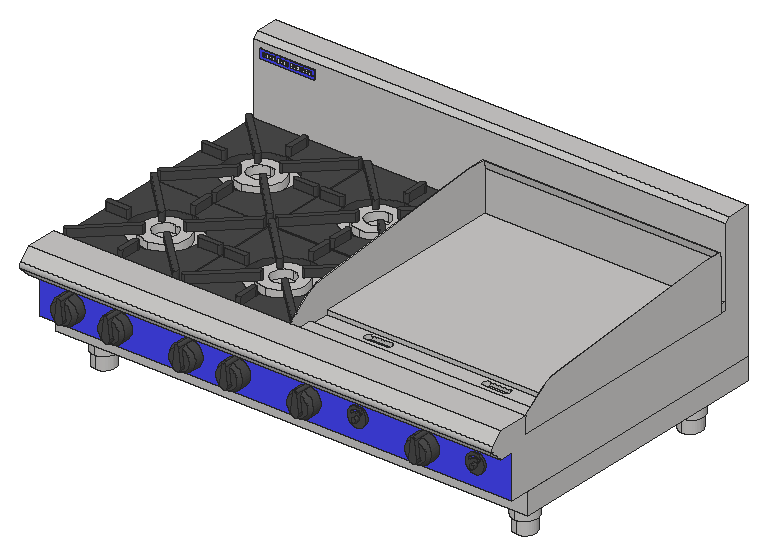
Revit family "QF_MOFFAT_BLUESEAL_CE_G518B-B", category Specialty Equipment, Revit 2012 (continued)
Definition of nested family "GAS BURNER 600 & GRIDDLE 600"
  Definition of nested family "GAS BURNER 600"
    Forms (mm)
      Extrusion 5, solid, material "QF_Finishes_Black"
        sketch origin (600, 0, 19.5) x (0, -1, 0) y (1, 0, 0)
          loop
            spline (326.102, -284.847) -> (325.341, -285.916) -> (324.941, -287.221) -> (324.928, -288.672) -> (325.303, -290.171) -> (326.041, -291.616) -> (327.092, -292.908) -> (328.384, -293.959) -> (329.829, -294.697) -> (331.328, -295.072) -> (332.779, -295.059) -> (334.084, -294.659) -> (335.153, -293.898)
          loop
            spline (463.6, -291.102) -> (463.818, -292.396) -> (464.457, -293.602) -> (465.475, -294.638) -> (466.8, -295.432) -> (468.344, -295.932) -> (470, -296.102) -> (471.656, -295.932) -> (473.2, -295.432) -> (474.525, -294.638) -> (475.543, -293.602) -> (476.182, -292.396) -> (476.4, -291.102)
            line (476.4, -291.102) -> (476.4, -241.898)
            spline (476.4, -241.898) -> (476.182, -240.604) -> (475.543, -239.398) -> (474.525, -238.362) -> (473.2, -237.568) -> (471.656, -237.068) -> (470, -236.898) -> (468.344, -237.068) -> (466.8, -237.568) -> (465.475, -238.362) -> (464.457, -239.398) -> (463.818, -240.604) -> (463.6, -241.898)
            line (463.6, -241.898) -> (463.6, -291.102)
          loop
            line (612.398, -284.847) -> (505.975, -176.924)
            spline (505.975, -176.924) -> (504.905, -176.163) -> (503.601, -175.762) -> (502.149, -175.749) -> (500.65, -176.125) -> (499.205, -176.863) -> (497.914, -177.914) -> (496.863, -179.205) -> (496.125, -180.65) -> (495.749, -182.149) -> (495.762, -183.601) -> (496.163, -184.905) -> (496.924, -185.975)
            line (496.924, -185.975) -> (603.347, -293.898)
            spline (603.347, -293.898) -> (604.416, -294.659) -> (605.721, -295.059) -> (607.172, -295.072) -> (608.671, -294.697) -> (610.116, -293.959) -> (611.408, -292.908) -> (612.459, -291.616) -> (613.197, -290.171) -> (613.572, -288.672) -> (613.559, -287.221) -> (613.159, -285.916) -> (612.398, -284.847)
          loop
            line (609.602, -143.6) -> (561.898, -143.6)
            spline (561.898, -143.6) -> (560.604, -143.818) -> (559.398, -144.457) -> (558.362, -145.475) -> (557.568, -146.8) -> (557.068, -148.344) -> (556.898, -150) -> (557.068, -151.656) -> (557.568, -153.2) -> (558.362, -154.525) -> (559.398, -155.543) -> (560.604, -156.182) -> (561.898, -156.4)
            line (561.898, -156.4) -> (609.602, -156.4)
            spline (609.602, -156.4) -> (610.896, -156.182) -> (612.102, -155.543) -> (613.138, -154.525) -> (613.932, -153.2) -> (614.432, -151.656) -> (614.602, -150) -> (614.432, -148.344) -> (613.932, -146.8) -> (613.138, -145.475) -> (612.102, -144.457) -> (610.896, -143.818) -> (609.602, -143.6)
          loop
            spline (612.398, -15.153) -> (613.159, -14.084) -> (613.559, -12.779) -> (613.572, -11.328) -> (613.197, -9.829) -> (612.459, -8.384) -> (611.408, -7.092) -> (610.116, -6.041) -> (608.671, -5.303) -> (607.172, -4.928) -> (605.721, -4.941) -> (604.416, -5.341) -> (603.347, -6.102)
            line (603.347, -6.102) -> (496.924, -114.025)
            spline (496.924, -114.025) -> (496.163, -115.095) -> (495.762, -116.399) -> (495.749, -117.851) -> (496.125, -119.35) -> (496.863, -120.795) -> (497.914, -122.086) -> (499.205, -123.137) -> (500.65, -123.875) -> (502.149, -124.251) -> (503.601, -124.238) -> (504.905, -123.837) -> (505.975, -123.076)
            line (505.975, -123.076) -> (612.398, -15.153)
          loop
            spline (476.4, -8.898) -> (476.182, -7.604) -> (475.543, -6.398) -> (474.525, -5.362) -> (473.2, -4.568) -> (471.656, -4.068) -> (470, -3.898) -> (468.344, -4.068) -> (466.8, -4.568) -> (465.475, -5.362) -> (464.457, -6.398) -> (463.818, -7.604) -> (463.6, -8.898)
            line (463.6, -8.898) -> (463.6, -58.102)
            spline (463.6, -58.102) -> (463.818, -59.396) -> (464.457, -60.602) -> (465.475, -61.638) -> (466.8, -62.432) -> (468.344, -62.932) -> (470, -63.102) -> (471.656, -62.932) -> (473.2, -62.432) -> (474.525, -61.638) -> (475.543, -60.602) -> (476.182, -59.396) -> (476.4, -58.102)
            line (476.4, -58.102) -> (476.4, -8.898)
          loop
            line (22.602, -15.153) -> (130.525, -123.076)
            spline (130.525, -123.076) -> (131.595, -123.837) -> (132.899, -124.238) -> (134.351, -124.251) -> (135.85, -123.875) -> (137.295, -123.137) -> (138.586, -122.086) -> (139.637, -120.795) -> (140.375, -119.35) -> (140.751, -117.851) -> (140.738, -116.399) -> (140.337, -115.095) -> (139.576, -114.025)
            line (139.576, -114.025) -> (31.653, -6.102)
            spline (31.653, -6.102) -> (30.424, -5.181) -> (28.97, -4.631) -> (27.39, -4.49) -> (25.792, -4.767) -> (24.286, -5.443) -> (22.973, -6.473) -> (21.943, -7.786) -> (21.267, -9.292) -> (20.99, -10.89) -> (21.131, -12.47) -> (21.681, -13.924) -> (22.602, -15.153)
          loop
            line (25.398, -156.4) -> (74.602, -156.4)
            spline (74.602, -156.4) -> (75.896, -156.182) -> (77.102, -155.543) -> (78.138, -154.525) -> (78.932, -153.2) -> (79.432, -151.656) -> (79.602, -150) -> (79.432, -148.344) -> (78.932, -146.8) -> (78.138, -145.475) -> (77.102, -144.457) -> (75.896, -143.818) -> (74.602, -143.6)
            line (74.602, -143.6) -> (25.398, -143.6)
            spline (25.398, -143.6) -> (24.104, -143.818) -> (22.898, -144.457) -> (21.862, -145.475) -> (21.068, -146.8) -> (20.568, -148.344) -> (20.398, -150) -> (20.568, -151.656) -> (21.068, -153.2) -> (21.862, -154.525) -> (22.898, -155.543) -> (24.104, -156.182) -> (25.398, -156.4)
          loop
            line (31.653, -293.898) -> (139.576, -185.975)
            spline (139.576, -185.975) -> (140.337, -184.905) -> (140.738, -183.601) -> (140.751, -182.149) -> (140.375, -180.65) -> (139.637, -179.205) -> (138.586, -177.914) -> (137.295, -176.863) -> (135.85, -176.125) -> (134.351, -175.749) -> (132.899, -175.762) -> (131.595, -176.163) -> (130.525, -176.924)
            line (130.525, -176.924) -> (22.602, -284.847)
            spline (22.602, -284.847) -> (21.841, -285.916) -> (21.441, -287.221) -> (21.428, -288.672) -> (21.803, -290.171) -> (22.541, -291.616) -> (23.592, -292.908) -> (24.884, -293.959) -> (26.329, -294.697) -> (27.828, -295.072) -> (29.279, -295.059) -> (30.584, -294.659) -> (31.653, -293.898)
          loop
            spline (160.1, -291.102) -> (160.318, -292.396) -> (160.957, -293.602) -> (161.975, -294.638) -> (163.3, -295.432) -> (164.844, -295.932) -> (166.5, -296.102) -> (168.156, -295.932) -> (169.7, -295.432) -> (171.025, -294.638) -> (172.043, -293.602) -> (172.682, -292.396) -> (172.9, -291.102)
            line (172.9, -291.102) -> (172.9, -241.898)
            spline (172.9, -241.898) -> (172.682, -240.604) -> (172.043, -239.398) -> (171.025, -238.362) -> (169.7, -237.568) -> (168.156, -237.068) -> (166.5, -236.898) -> (164.844, -237.068) -> (163.3, -237.568) -> (161.975, -238.362) -> (160.957, -239.398) -> (160.318, -240.604) -> (160.1, -241.898)
            line (160.1, -241.898) -> (160.1, -291.102)
          loop
            line (313.898, -284.847) -> (202.475, -176.924)
            spline (202.475, -176.924) -> (201.405, -176.163) -> (200.101, -175.762) -> (198.649, -175.749) -> (197.15, -176.125) -> (195.705, -176.863) -> (194.414, -177.914) -> (193.363, -179.205) -> (192.625, -180.65) -> (192.249, -182.149) -> (192.262, -183.601) -> (192.663, -184.905) -> (193.424, -185.975)
            line (193.424, -185.975) -> (304.847, -293.898)
            spline (304.847, -293.898) -> (305.916, -294.659) -> (307.221, -295.059) -> (308.672, -295.072) -> (310.171, -294.697) -> (311.616, -293.959) -> (312.908, -292.908) -> (313.959, -291.616) -> (314.697, -290.171) -> (315.072, -288.672) -> (315.059, -287.221) -> (314.659, -285.916) -> (313.898, -284.847)
          loop
            line (311.102, -143.6) -> (261.898, -143.6)
            spline (261.898, -143.6) -> (260.604, -143.818) -> (259.398, -144.457) -> (258.362, -145.475) -> (257.568, -146.8) -> (257.068, -148.344) -> (256.898, -150) -> (257.068, -151.656) -> (257.568, -153.2) -> (258.362, -154.525) -> (259.398, -155.543) -> (260.604, -156.182) -> (261.898, -156.4)
            line (261.898, -156.4) -> (311.102, -156.4)
            spline (311.102, -156.4) -> (312.396, -156.182) -> (313.602, -155.543) -> (314.638, -154.525) -> (315.432, -153.2) -> (315.932, -151.656) -> (316.102, -150) -> (315.932, -148.344) -> (315.432, -146.8) -> (314.638, -145.475) -> (313.602, -144.457) -> (312.396, -143.818) -> (311.102, -143.6)
          loop
            spline (313.898, -15.153) -> (314.659, -14.084) -> (315.059, -12.779) -> (315.072, -11.328) -> (314.697, -9.829) -> (313.959, -8.384) -> (312.908, -7.092) -> (311.616, -6.041) -> (310.171, -5.303) -> (308.672, -4.928) -> (307.221, -4.941) -> (305.916, -5.341) -> (304.847, -6.102)
            line (304.847, -6.102) -> (193.424, -114.025)
            spline (193.424, -114.025) -> (192.663, -115.095) -> (192.262, -116.399) -> (192.249, -117.851) -> (192.625, -119.35) -> (193.363, -120.795) -> (194.414, -122.086) -> (195.705, -123.137) -> (197.15, -123.875) -> (198.649, -124.251) -> (200.101, -124.238) -> (201.405, -123.837) -> (202.475, -123.076)
            line (202.475, -123.076) -> (313.898, -15.153)
          loop
            spline (172.9, -8.898) -> (172.682, -7.604) -> (172.043, -6.398) -> (171.025, -5.362) -> (169.7, -4.568) -> (168.156, -4.068) -> (166.5, -3.898) -> (164.844, -4.068) -> (163.3, -4.568) -> (161.975, -5.362) -> (160.957, -6.398) -> (160.318, -7.604) -> (160.1, -8.898)
            line (160.1, -8.898) -> (160.1, -58.102)
            spline (160.1, -58.102) -> (160.318, -59.396) -> (160.957, -60.602) -> (161.975, -61.638) -> (163.3, -62.432) -> (164.844, -62.932) -> (166.5, -63.102) -> (168.156, -62.932) -> (169.7, -62.432) -> (171.025, -61.638) -> (172.043, -60.602) -> (172.682, -59.396) -> (172.9, -58.102)
            line (172.9, -58.102) -> (172.9, -8.898)
        from 0 to 20.5
      Extrusion 6, solid, material "QF_Finishes_Stainless Steel"
        sketch origin (600, -15.098, 0) x (0, -1, 0) y (1, 0, 0)
          loop
            circle (151.402, -150) r 57
          loop
            circle (451.402, -150) r 57
          loop
            circle (151.402, -150) r 30
          loop
            circle (451.402, -150) r 30
        from 0 to 20
    Lines and regions (mm)
      symbolic lines
        curve 1: line (284.847, -22.602, 0) -> (176.924, -130.525, 0)
        curve 2: spline (176.924, -130.525, 0) -> (176.163, -131.595, 0) -> (175.762, -132.899, 0) -> (175.749, -134.351, 0) -> (176.125, -135.85, 0) -> (176.863, -137.295, 0) -> (177.914, -138.586, 0) -> (179.205, -139.637, 0) -> (180.65, -140.375, 0) -> (182.149, -140.751, 0) -> (183.601, -140.738, 0) -> (184.905, -140.337, 0) -> (185.975, -139.576, 0)
        curve 3: line (185.975, -139.576, 0) -> (293.898, -31.653, 0)
        curve 4: spline (293.898, -31.653, 0) -> (294.659, -30.584, 0) -> (295.059, -29.279, 0) -> (295.072, -27.828, 0) -> (294.697, -26.329, 0) -> (293.959, -24.884, 0) -> (292.908, -23.592, 0) -> (291.616, -22.541, 0) -> (290.171, -21.803, 0) -> (288.672, -21.428, 0) -> (287.221, -21.441, 0) -> (285.916, -21.841, 0) -> (284.847, -22.602, 0)
        curve 5: line (291.102, -160.1, 0) -> (241.898, -160.1, 0)
        curve 6: spline (241.898, -160.1, 0) -> (240.604, -160.318, 0) -> (239.398, -160.957, 0) -> (238.362, -161.975, 0) -> (237.568, -163.3, 0) -> (237.068, -164.844, 0) -> (236.898, -166.5, 0) -> (237.068, -168.156, 0) -> (237.568, -169.7, 0) -> (238.362, -171.025, 0) -> (239.398, -172.043, 0) -> (240.604, -172.682, 0) -> (241.898, -172.9, 0)
        curve 7: line (241.898, -172.9, 0) -> (291.102, -172.9, 0)
        curve 8: spline (291.102, -172.9, 0) -> (292.396, -172.682, 0) -> (293.602, -172.043, 0) -> (294.638, -171.025, 0) -> (295.432, -169.7, 0) -> (295.932, -168.156, 0) -> (296.102, -166.5, 0) -> (295.932, -164.844, 0) -> (295.432, -163.3, 0) -> (294.638, -161.975, 0) -> (293.602, -160.957, 0) -> (292.396, -160.318, 0) -> (291.102, -160.1, 0)
        curve 9: line (306.102, -31.653, 0) -> (414.025, -139.576, 0)
        curve 10: spline (414.025, -139.576, 0) -> (415.095, -140.337, 0) -> (416.399, -140.738, 0) -> (417.851, -140.751, 0) -> (419.35, -140.375, 0) -> (420.795, -139.637, 0) -> (422.086, -138.586, 0) -> (423.137, -137.295, 0) -> (423.875, -135.85, 0) -> (424.251, -134.351, 0) -> (424.238, -132.899, 0) -> (423.837, -131.595, 0) -> (423.076, -130.525, 0)
        curve 11: line (423.076, -130.525, 0) -> (315.153, -22.602, 0)
        curve 12: spline (315.153, -22.602, 0) -> (314.084, -21.841, 0) -> (312.779, -21.441, 0) -> (311.328, -21.428, 0) -> (309.829, -21.803, 0) -> (308.384, -22.541, 0) -> (307.092, -23.592, 0) -> (306.041, -24.884, 0) -> (305.303, -26.329, 0) -> (304.928, -27.828, 0) -> (304.941, -29.279, 0) -> (305.341, -30.584, 0) -> (306.102, -31.653, 0)
        curve 13: line (443.6, -25.398, 0) -> (443.6, -74.602, 0)
        curve 14: spline (443.6, -74.602, 0) -> (443.818, -75.896, 0) -> (444.457, -77.102, 0) -> (445.475, -78.138, 0) -> (446.8, -78.932, 0) -> (448.344, -79.432, 0) -> (450, -79.602, 0) -> (451.656, -79.432, 0) -> (453.2, -78.932, 0) -> (454.525, -78.138, 0) -> (455.543, -77.102, 0) -> (456.182, -75.896, 0) -> (456.4, -74.602, 0)
        curve 15: line (456.4, -74.602, 0) -> (456.4, -25.398, 0)
        curve 16: spline (456.4, -25.398, 0) -> (456.182, -24.104, 0) -> (455.543, -22.898, 0) -> (454.525, -21.862, 0) -> (453.2, -21.068, 0) -> (451.656, -20.568, 0) -> (450, -20.398, 0) -> (448.344, -20.568, 0) -> (446.8, -21.068, 0) -> (445.475, -21.862, 0) -> (444.457, -22.898, 0) -> (443.818, -24.104, 0) -> (443.6, -25.398, 0)
        curve 17: line (584.847, -22.602, 0) -> (476.924, -130.525, 0)
        curve 18: spline (476.924, -130.525, 0) -> (476.163, -131.595, 0) -> (475.762, -132.899, 0) -> (475.749, -134.351, 0) -> (476.125, -135.85, 0) -> (476.863, -137.295, 0) -> (477.914, -138.586, 0) -> (479.205, -139.637, 0) -> (480.65, -140.375, 0) -> (482.149, -140.751, 0) -> (483.601, -140.738, 0) -> (484.905, -140.337, 0) -> (485.975, -139.576, 0)
        curve 19: line (485.975, -139.576, 0) -> (593.898, -31.653, 0)
        curve 20: spline (593.898, -31.653, 0) -> (594.819, -30.424, 0) -> (595.369, -28.97, 0) -> (595.51, -27.39, 0) -> (595.233, -25.792, 0) -> (594.557, -24.286, 0) -> (593.527, -22.973, 0) -> (592.214, -21.943, 0) -> (590.708, -21.267, 0) -> (589.11, -20.99, 0) -> (587.53, -21.131, 0) -> (586.076, -21.681, 0) -> (584.847, -22.602, 0)
        curve 21: line (591.102, -160.1, 0) -> (541.898, -160.1, 0)
        curve 22: spline (541.898, -160.1, 0) -> (540.604, -160.318, 0) -> (539.398, -160.957, 0) -> (538.362, -161.975, 0) -> (537.568, -163.3, 0) -> (537.068, -164.844, 0) -> (536.898, -166.5, 0) -> (537.068, -168.156, 0) -> (537.568, -169.7, 0) -> (538.362, -171.025, 0) -> (539.398, -172.043, 0) -> (540.604, -172.682, 0) -> (541.898, -172.9, 0)
        curve 23: line (541.898, -172.9, 0) -> (591.102, -172.9, 0)
        curve 24: spline (591.102, -172.9, 0) -> (592.396, -172.682, 0) -> (593.602, -172.043, 0) -> (594.638, -171.025, 0) -> (595.432, -169.7, 0) -> (595.932, -168.156, 0) -> (596.102, -166.5, 0) -> (595.932, -164.844, 0) -> (595.432, -163.3, 0) -> (594.638, -161.975, 0) -> (593.602, -160.957, 0) -> (592.396, -160.318, 0) -> (591.102, -160.1, 0)
        curve 25: line (593.898, -304.847, 0) -> (485.975, -193.424, 0)
        curve 26: spline (485.975, -193.424, 0) -> (484.905, -192.663, 0) -> (483.601, -192.262, 0) -> (482.149, -192.249, 0) -> (480.65, -192.625, 0) -> (479.205, -193.363, 0) -> (477.914, -194.414, 0) -> (476.863, -195.705, 0) -> (476.125, -197.15, 0) -> (475.749, -198.649, 0) -> (475.762, -200.101, 0) -> (476.163, -201.405, 0) -> (476.924, -202.475, 0)
        curve 27: line (476.924, -202.475, 0) -> (584.847, -313.898, 0)
        curve 28: spline (584.847, -313.898, 0) -> (585.916, -314.659, 0) -> (587.221, -315.059, 0) -> (588.672, -315.072, 0) -> (590.171, -314.697, 0) -> (591.616, -313.959, 0) -> (592.908, -312.908, 0) -> (593.959, -311.616, 0) -> (594.697, -310.171, 0) -> (595.072, -308.672, 0) -> (595.059, -307.221, 0) -> (594.659, -305.916, 0) -> (593.898, -304.847, 0)
        curve 29: arc (450, -223.5, 0) -> (468.725, -220.336, 0) -> (485.372, -211.197, 0) r 57
        curve 30: arc (450, -109.5, 0) -> (431.183, -112.696, 0) -> (414.475, -121.924, 0) r 57
        curve 31: arc (450.009, -84.418, 0) -> (478.534, -89.404, 0) -> (503.676, -103.773, 0) r 84.082
        curve 32: arc (450.009, -252.582, 0) -> (420.453, -247.216, 0) -> (394.669, -231.803, 0) r 84.082
        curve 33: arc (450, -136.5, 0) -> (480, -166.5, 0) -> (450, -196.5, 0) r 30
        curve 34: arc (450, -196.5, 0) -> (420, -166.5, 0) -> (450, -136.5, 0) r 30
        curve 35: arc (150, -223.5, 0) -> (168.725, -220.336, 0) -> (185.372, -211.197, 0) r 57
        curve 36: arc (150, -109.5, 0) -> (131.183, -112.696, 0) -> (114.475, -121.924, 0) r 57
        curve 37: arc (149.991, -84.418, 0) -> (178.523, -89.406, 0) -> (203.668, -103.781, 0) r 84.082
        curve 38: arc (149.991, -252.582, 0) -> (120.441, -247.219, 0) -> (94.661, -231.812, 0) r 84.082
        curve 39: line (156.4, -74.602, 0) -> (156.4, -25.398, 0)
        curve 40: spline (156.4, -25.398, 0) -> (156.182, -24.104, 0) -> (155.543, -22.898, 0) -> (154.525, -21.862, 0) -> (153.2, -21.068, 0) -> (151.656, -20.568, 0) -> (150, -20.398, 0) -> (148.344, -20.568, 0) -> (146.8, -21.068, 0) -> (145.475, -21.862, 0) -> (144.457, -22.898, 0) -> (143.818, -24.104, 0) -> (143.6, -25.398, 0)
        curve 41: line (143.6, -25.398, 0) -> (143.6, -74.602, 0)
        curve 42: spline (143.6, -74.602, 0) -> (143.818, -75.896, 0) -> (144.457, -77.102, 0) -> (145.475, -78.138, 0) -> (146.8, -78.932, 0) -> (148.344, -79.432, 0) -> (150, -79.602, 0) -> (151.656, -79.432, 0) -> (153.2, -78.932, 0) -> (154.525, -78.138, 0) -> (155.543, -77.102, 0) -> (156.182, -75.896, 0) -> (156.4, -74.602, 0)
        curve 43: line (358.102, -160.1, 0) -> (308.898, -160.1, 0)
        curve 44: spline (308.898, -160.1, 0) -> (307.604, -160.318, 0) -> (306.398, -160.957, 0) -> (305.362, -161.975, 0) -> (304.568, -163.3, 0) -> (304.068, -164.844, 0) -> (303.898, -166.5, 0) -> (304.068, -168.156, 0) -> (304.568, -169.7, 0) -> (305.362, -171.025, 0) -> (306.398, -172.043, 0) -> (307.604, -172.682, 0) -> (308.898, -172.9, 0)
        curve 45: line (308.898, -172.9, 0) -> (358.102, -172.9, 0)
        curve 46: spline (358.102, -172.9, 0) -> (359.396, -172.682, 0) -> (360.602, -172.043, 0) -> (361.638, -171.025, 0) -> (362.432, -169.7, 0) -> (362.932, -168.156, 0) -> (363.102, -166.5, 0) -> (362.932, -164.844, 0) -> (362.432, -163.3, 0) -> (361.638, -161.975, 0) -> (360.602, -160.957, 0) -> (359.396, -160.318, 0) -> (358.102, -160.1, 0)
        curve 47: line (414.025, -193.424, 0) -> (306.102, -304.847, 0)
        curve 48: spline (306.102, -304.847, 0) -> (305.341, -305.916, 0) -> (304.941, -307.221, 0) -> (304.928, -308.672, 0) -> (305.303, -310.171, 0) -> (306.041, -311.616, 0) -> (307.092, -312.908, 0) -> (308.384, -313.959, 0) -> (309.829, -314.697, 0) -> (311.328, -315.072, 0) -> (312.779, -315.059, 0) -> (314.084, -314.659, 0) -> (315.153, -313.898, 0)
        curve 49: line (315.153, -313.898, 0) -> (423.076, -202.475, 0)
        curve 50: spline (423.076, -202.475, 0) -> (423.837, -201.405, 0) -> (424.238, -200.101, 0) -> (424.251, -198.649, 0) -> (423.875, -197.15, 0) -> (423.137, -195.705, 0) -> (422.086, -194.414, 0) -> (420.795, -193.363, 0) -> (419.35, -192.625, 0) -> (417.851, -192.249, 0) -> (416.399, -192.262, 0) -> (415.095, -192.663, 0) -> (414.025, -193.424, 0)
        curve 51: line (456.4, -311.102, 0) -> (456.4, -261.898, 0)
        curve 52: spline (456.4, -261.898, 0) -> (456.182, -260.604, 0) -> (455.543, -259.398, 0) -> (454.525, -258.362, 0) -> (453.2, -257.568, 0) -> (451.656, -257.068, 0) -> (450, -256.898, 0) -> (448.344, -257.068, 0) -> (446.8, -257.568, 0) -> (445.475, -258.362, 0) -> (444.457, -259.398, 0) -> (443.818, -260.604, 0) -> (443.6, -261.898, 0)
        curve 53: line (443.6, -261.898, 0) -> (443.6, -311.102, 0)
        curve 54: spline (443.6, -311.102, 0) -> (443.818, -312.396, 0) -> (444.457, -313.602, 0) -> (445.475, -314.638, 0) -> (446.8, -315.432, 0) -> (448.344, -315.932, 0) -> (450, -316.102, 0) -> (451.656, -315.932, 0) -> (453.2, -315.432, 0) -> (454.525, -314.638, 0) -> (455.543, -313.602, 0) -> (456.182, -312.396, 0) -> (456.4, -311.102, 0)
        curve 55: line (596, 0, 0) -> (304, 0, 0)
        curve 56: arc (304, 0, 0) -> (301.879, -0.879, 0) -> (301, -3, 0) r 3
        curve 57: line (301, -3, 0) -> (301, -315.5, 0)
        curve 58: arc (301, -315.5, 0) -> (301.879, -317.621, 0) -> (304, -318.5, 0) r 3
        curve 59: line (304, -318.5, 0) -> (596, -318.5, 0)
        curve 60: arc (596, -318.5, 0) -> (598.121, -317.621, 0) -> (599, -315.5, 0) r 3
        curve 61: line (599, -315.5, 0) -> (599, -3, 0)
        curve 62: arc (599, -3, 0) -> (598.121, -0.879, 0) -> (596, 0, 0) r 3
        curve 63: line (296, 0, 0) -> (4, 0, 0)
        curve 64: arc (4, 0, 0) -> (1.879, -0.879, 0) -> (1, -3, 0) r 3
        curve 65: line (1, -3, 0) -> (1, -315.5, 0)
        curve 66: arc (1, -315.5, 0) -> (1.879, -317.621, 0) -> (4, -318.5, 0) r 3
        curve 67: line (4, -318.5, 0) -> (296, -318.5, 0)
        curve 68: arc (296, -318.5, 0) -> (298.121, -317.621, 0) -> (299, -315.5, 0) r 3
        curve 69: line (299, -315.5, 0) -> (299, -3, 0)
        curve 70: arc (299, -3, 0) -> (298.121, -0.879, 0) -> (296, 0, 0) r 3
        curve 71: line (296, -321.5, 0) -> (4, -321.5, 0)
        curve 72: arc (4, -321.5, 0) -> (1.879, -322.379, 0) -> (1, -324.5, 0) r 3
        curve 73: line (1, -324.5, 0) -> (1, -632, 0)
        curve 74: arc (1, -632, 0) -> (1.879, -634.121, 0) -> (4, -635, 0) r 3
        curve 75: line (4, -635, 0) -> (296, -635, 0)
        curve 76: arc (296, -635, 0) -> (298.121, -634.121, 0) -> (299, -632, 0) r 3
        curve 77: line (299, -632, 0) -> (299, -324.5, 0)
        curve 78: arc (299, -324.5, 0) -> (298.121, -322.379, 0) -> (296, -321.5, 0) r 3
        curve 79: line (596, -321.5, 0) -> (304, -321.5, 0)
        curve 80: arc (304, -321.5, 0) -> (301.879, -322.379, 0) -> (301, -324.5, 0) r 3
        curve 81: line (301, -324.5, 0) -> (301, -632, 0)
        curve 82: arc (301, -632, 0) -> (301.879, -634.121, 0) -> (304, -635, 0) r 3
        curve 83: line (304, -635, 0) -> (596, -635, 0)
        curve 84: arc (596, -635, 0) -> (598.121, -634.121, 0) -> (599, -632, 0) r 3
        curve 85: line (599, -632, 0) -> (599, -324.5, 0)
        curve 86: arc (599, -324.5, 0) -> (598.121, -322.379, 0) -> (596, -321.5, 0) r 3
        curve 87: line (293.898, -304.847, 0) -> (185.975, -193.424, 0)
        curve 88: spline (185.975, -193.424, 0) -> (184.905, -192.663, 0) -> (183.601, -192.262, 0) -> (182.149, -192.249, 0) -> (180.65, -192.625, 0) -> (179.205, -193.363, 0) -> (177.914, -194.414, 0) -> (176.863, -195.705, 0) -> (176.125, -197.15, 0) -> (175.749, -198.649, 0) -> (175.762, -200.101, 0) -> (176.163, -201.405, 0) -> (176.924, -202.475, 0)
        curve 89: line (176.924, -202.475, 0) -> (284.847, -313.898, 0)
        curve 90: spline (284.847, -313.898, 0) -> (285.916, -314.659, 0) -> (287.221, -315.059, 0) -> (288.672, -315.072, 0) -> (290.171, -314.697, 0) -> (291.616, -313.959, 0) -> (292.908, -312.908, 0) -> (293.959, -311.616, 0) -> (294.697, -310.171, 0) -> (295.072, -308.672, 0) -> (295.059, -307.221, 0) -> (294.659, -305.916, 0) -> (293.898, -304.847, 0)
        curve 91: line (15.153, -313.898, 0) -> (123.076, -202.475, 0)
        curve 92: spline (123.076, -202.475, 0) -> (123.837, -201.405, 0) -> (124.238, -200.101, 0) -> (124.251, -198.649, 0) -> (123.875, -197.15, 0) -> (123.137, -195.705, 0) -> (122.086, -194.414, 0) -> (120.795, -193.363, 0) -> (119.35, -192.625, 0) -> (117.851, -192.249, 0) -> (116.399, -192.262, 0) -> (115.095, -192.663, 0) -> (114.025, -193.424, 0)
        curve 93: line (114.025, -193.424, 0) -> (6.102, -304.847, 0)
        curve 94: spline (6.102, -304.847, 0) -> (5.341, -305.916, 0) -> (4.941, -307.221, 0) -> (4.928, -308.672, 0) -> (5.303, -310.171, 0) -> (6.041, -311.616, 0) -> (7.092, -312.908, 0) -> (8.384, -313.959, 0) -> (9.829, -314.697, 0) -> (11.328, -315.072, 0) -> (12.779, -315.059, 0) -> (14.084, -314.659, 0) -> (15.153, -313.898, 0)
        curve 95: line (8.898, -172.9, 0) -> (58.102, -172.9, 0)
        curve 96: spline (58.102, -172.9, 0) -> (59.396, -172.682, 0) -> (60.602, -172.043, 0) -> (61.638, -171.025, 0) -> (62.432, -169.7, 0) -> (62.932, -168.156, 0) -> (63.102, -166.5, 0) -> (62.932, -164.844, 0) -> (62.432, -163.3, 0) -> (61.638, -161.975, 0) -> (60.602, -160.957, 0) -> (59.396, -160.318, 0) -> (58.102, -160.1, 0)
        curve 97: line (58.102, -160.1, 0) -> (8.898, -160.1, 0)
        curve 98: spline (8.898, -160.1, 0) -> (7.604, -160.318, 0) -> (6.398, -160.957, 0) -> (5.362, -161.975, 0) -> (4.568, -163.3, 0) -> (4.068, -164.844, 0) -> (3.898, -166.5, 0) -> (4.068, -168.156, 0) -> (4.568, -169.7, 0) -> (5.362, -171.025, 0) -> (6.398, -172.043, 0) -> (7.604, -172.682, 0) -> (8.898, -172.9, 0)
        curve 99: line (6.102, -31.653, 0) -> (114.025, -139.576, 0)
        curve 100: spline (114.025, -139.576, 0) -> (115.095, -140.337, 0) -> (116.399, -140.738, 0) -> (117.851, -140.751, 0) -> (119.35, -140.375, 0) -> (120.795, -139.637, 0) -> (122.086, -138.586, 0) -> (123.137, -137.295, 0) -> (123.875, -135.85, 0) -> (124.251, -134.351, 0) -> (124.238, -132.899, 0) -> (123.837, -131.595, 0) -> (123.076, -130.525, 0)
        curve 101: line (123.076, -130.525, 0) -> (15.153, -22.602, 0)
        curve 102: spline (15.153, -22.602, 0) -> (13.924, -21.681, 0) -> (12.47, -21.131, 0) -> (10.89, -20.99, 0) -> (9.292, -21.267, 0) -> (7.786, -21.943, 0) -> (6.473, -22.973, 0) -> (5.443, -24.286, 0) -> (4.767, -25.792, 0) -> (4.49, -27.39, 0) -> (4.631, -28.97, 0) -> (5.181, -30.424, 0) -> (6.102, -31.653, 0)
        curve 103: arc (150, -136.5, 0) -> (180, -166.5, 0) -> (150, -196.5, 0) r 30
        curve 104: arc (150, -196.5, 0) -> (120, -166.5, 0) -> (150, -136.5, 0) r 30
        curve 105: line (156.4, -311.102, 0) -> (156.4, -261.898, 0)
        curve 106: spline (156.4, -261.898, 0) -> (156.182, -260.604, 0) -> (155.543, -259.398, 0) -> (154.525, -258.362, 0) -> (153.2, -257.568, 0) -> (151.656, -257.068, 0) -> (150, -256.898, 0) -> (148.344, -257.068, 0) -> (146.8, -257.568, 0) -> (145.475, -258.362, 0) -> (144.457, -259.398, 0) -> (143.818, -260.604, 0) -> (143.6, -261.898, 0)
        curve 107: line (143.6, -261.898, 0) -> (143.6, -311.102, 0)
        curve 108: spline (143.6, -311.102, 0) -> (143.818, -312.396, 0) -> (144.457, -313.602, 0) -> (145.475, -314.638, 0) -> (146.8, -315.432, 0) -> (148.344, -315.932, 0) -> (150, -316.102, 0) -> (151.656, -315.932, 0) -> (153.2, -315.432, 0) -> (154.525, -314.638, 0) -> (155.543, -313.602, 0) -> (156.182, -312.396, 0) -> (156.4, -311.102, 0)
        curve 109: line (156.4, -378.102, 0) -> (156.4, -328.898, 0)
        curve 110: spline (156.4, -328.898, 0) -> (156.182, -327.604, 0) -> (155.543, -326.398, 0) -> (154.525, -325.362, 0) -> (153.2, -324.568, 0) -> (151.656, -324.068, 0) -> (150, -323.898, 0) -> (148.344, -324.068, 0) -> (146.8, -324.568, 0) -> (145.475, -325.362, 0) -> (144.457, -326.398, 0) -> (143.818, -327.604, 0) -> (143.6, -328.898, 0)
        curve 111: line (143.6, -328.898, 0) -> (143.6, -378.102, 0)
        curve 112: spline (143.6, -378.102, 0) -> (143.818, -379.396, 0) -> (144.457, -380.602, 0) -> (145.475, -381.638, 0) -> (146.8, -382.432, 0) -> (148.344, -382.932, 0) -> (150, -383.102, 0) -> (151.656, -382.932, 0) -> (153.2, -382.432, 0) -> (154.525, -381.638, 0) -> (155.543, -380.602, 0) -> (156.182, -379.396, 0) -> (156.4, -378.102, 0)
        curve 113: line (284.847, -326.102, 0) -> (176.924, -434.025, 0)
        curve 114: spline (176.924, -434.025, 0) -> (176.163, -435.095, 0) -> (175.762, -436.399, 0) -> (175.749, -437.851, 0) -> (176.125, -439.35, 0) -> (176.863, -440.795, 0) -> (177.914, -442.086, 0) -> (179.205, -443.137, 0) -> (180.65, -443.875, 0) -> (182.149, -444.251, 0) -> (183.601, -444.238, 0) -> (184.905, -443.837, 0) -> (185.975, -443.076, 0)
        curve 115: line (185.975, -443.076, 0) -> (293.898, -335.153, 0)
        curve 116: spline (293.898, -335.153, 0) -> (294.659, -334.084, 0) -> (295.059, -332.779, 0) -> (295.072, -331.328, 0) -> (294.697, -329.829, 0) -> (293.959, -328.384, 0) -> (292.908, -327.092, 0) -> (291.616, -326.041, 0) -> (290.171, -325.303, 0) -> (288.672, -324.928, 0) -> (287.221, -324.941, 0) -> (285.916, -325.341, 0) -> (284.847, -326.102, 0)
        curve 117: line (123.076, -434.025, 0) -> (15.153, -326.102, 0)
        curve 118: spline (15.153, -326.102, 0) -> (13.924, -325.181, 0) -> (12.47, -324.631, 0) -> (10.89, -324.49, 0) -> (9.292, -324.767, 0) -> (7.786, -325.443, 0) -> (6.473, -326.473, 0) -> (5.443, -327.786, 0) -> (4.767, -329.292, 0) -> (4.49, -330.89, 0) -> (4.631, -332.47, 0) -> (5.181, -333.924, 0) -> (6.102, -335.153, 0)
        curve 119: line (6.102, -335.153, 0) -> (114.025, -443.076, 0)
        curve 120: spline (114.025, -443.076, 0) -> (115.095, -443.837, 0) -> (116.399, -444.238, 0) -> (117.851, -444.251, 0) -> (119.35, -443.875, 0) -> (120.795, -443.137, 0) -> (122.086, -442.086, 0) -> (123.137, -440.795, 0) -> (123.875, -439.35, 0) -> (124.251, -437.851, 0) -> (124.238, -436.399, 0) -> (123.837, -435.095, 0) -> (123.076, -434.025, 0)
        curve 121: line (58.102, -463.6, 0) -> (8.898, -463.6, 0)
        curve 122: spline (8.898, -463.6, 0) -> (7.604, -463.818, 0) -> (6.398, -464.457, 0) -> (5.362, -465.475, 0) -> (4.568, -466.8, 0) -> (4.068, -468.344, 0) -> (3.898, -470, 0) -> (4.068, -471.656, 0) -> (4.568, -473.2, 0) -> (5.362, -474.525, 0) -> (6.398, -475.543, 0) -> (7.604, -476.182, 0) -> (8.898, -476.4, 0)
        curve 123: line (8.898, -476.4, 0) -> (58.102, -476.4, 0)
        curve 124: spline (58.102, -476.4, 0) -> (59.396, -476.182, 0) -> (60.602, -475.543, 0) -> (61.638, -474.525, 0) -> (62.432, -473.2, 0) -> (62.932, -471.656, 0) -> (63.102, -470, 0) -> (62.932, -468.344, 0) -> (62.432, -466.8, 0) -> (61.638, -465.475, 0) -> (60.602, -464.457, 0) -> (59.396, -463.818, 0) -> (58.102, -463.6, 0)
        curve 125: line (114.025, -496.924, 0) -> (6.102, -603.347, 0)
        curve 126: spline (6.102, -603.347, 0) -> (5.341, -604.416, 0) -> (4.941, -605.721, 0) -> (4.928, -607.172, 0) -> (5.303, -608.671, 0) -> (6.041, -610.116, 0) -> (7.092, -611.408, 0) -> (8.384, -612.459, 0) -> (9.829, -613.197, 0) -> (11.328, -613.572, 0) -> (12.779, -613.559, 0) -> (14.084, -613.159, 0) -> (15.153, -612.398, 0)
        curve 127: line (15.153, -612.398, 0) -> (123.076, -505.975, 0)
        curve 128: spline (123.076, -505.975, 0) -> (123.837, -504.905, 0) -> (124.238, -503.601, 0) -> (124.251, -502.149, 0) -> (123.875, -500.65, 0) -> (123.137, -499.205, 0) -> (122.086, -497.914, 0) -> (120.795, -496.863, 0) -> (119.35, -496.125, 0) -> (117.851, -495.749, 0) -> (116.399, -495.762, 0) -> (115.095, -496.163, 0) -> (114.025, -496.924, 0)
        curve 129: line (156.4, -609.602, 0) -> (156.4, -561.898, 0)
        curve 130: spline (156.4, -561.898, 0) -> (156.182, -560.604, 0) -> (155.543, -559.398, 0) -> (154.525, -558.362, 0) -> (153.2, -557.568, 0) -> (151.656, -557.068, 0) -> (150, -556.898, 0) -> (148.344, -557.068, 0) -> (146.8, -557.568, 0) -> (145.475, -558.362, 0) -> (144.457, -559.398, 0) -> (143.818, -560.604, 0) -> (143.6, -561.898, 0)
        curve 131: line (143.6, -561.898, 0) -> (143.6, -609.602, 0)
        curve 132: spline (143.6, -609.602, 0) -> (143.818, -610.896, 0) -> (144.457, -612.102, 0) -> (145.475, -613.138, 0) -> (146.8, -613.932, 0) -> (148.344, -614.432, 0) -> (150, -614.602, 0) -> (151.656, -614.432, 0) -> (153.2, -613.932, 0) -> (154.525, -613.138, 0) -> (155.543, -612.102, 0) -> (156.182, -610.896, 0) -> (156.4, -609.602, 0)
        curve 133: line (176.924, -505.975, 0) -> (284.847, -612.398, 0)
        curve 134: spline (284.847, -612.398, 0) -> (285.916, -613.159, 0) -> (287.221, -613.559, 0) -> (288.672, -613.572, 0) -> (290.171, -613.197, 0) -> (291.616, -612.459, 0) -> (292.908, -611.408, 0) -> (293.959, -610.116, 0) -> (294.697, -608.671, 0) -> (295.072, -607.172, 0) -> (295.059, -605.721, 0) -> (294.659, -604.416, 0) -> (293.898, -603.347, 0)
        curve 135: line (293.898, -603.347, 0) -> (185.975, -496.924, 0)
        curve 136: spline (185.975, -496.924, 0) -> (184.905, -496.163, 0) -> (183.601, -495.762, 0) -> (182.149, -495.749, 0) -> (180.65, -496.125, 0) -> (179.205, -496.863, 0) -> (177.914, -497.914, 0) -> (176.863, -499.205, 0) -> (176.125, -500.65, 0) -> (175.749, -502.149, 0) -> (175.762, -503.601, 0) -> (176.163, -504.905, 0) -> (176.924, -505.975, 0)
        curve 137: arc (149.991, -384.418, 0) -> (179.687, -389.836, 0) -> (205.556, -405.393, 0) r 84.082
        curve 138: arc (149.991, -552.582, 0) -> (121.173, -547.489, 0) -> (95.845, -532.827, 0) r 84.082
        curve 139: arc (150, -523.5, 0) -> (167.666, -520.693, 0) -> (183.592, -512.55, 0) r 57
        curve 140: arc (150, -409.5, 0) -> (130.014, -413.119, 0) -> (112.566, -423.515, 0) r 57
        curve 141: arc (150, -436.5, 0) -> (180, -466.5, 0) -> (150, -496.5, 0) r 30
        curve 142: arc (150, -496.5, 0) -> (120, -466.5, 0) -> (150, -436.5, 0) r 30
        curve 143: line (291.102, -463.6, 0) -> (241.898, -463.6, 0)
        curve 144: spline (241.898, -463.6, 0) -> (240.604, -463.818, 0) -> (239.398, -464.457, 0) -> (238.362, -465.475, 0) -> (237.568, -466.8, 0) -> (237.068, -468.344, 0) -> (236.898, -470, 0) -> (237.068, -471.656, 0) -> (237.568, -473.2, 0) -> (238.362, -474.525, 0) -> (239.398, -475.543, 0) -> (240.604, -476.182, 0) -> (241.898, -476.4, 0)
        curve 145: line (241.898, -476.4, 0) -> (291.102, -476.4, 0)
        curve 146: spline (291.102, -476.4, 0) -> (292.396, -476.182, 0) -> (293.602, -475.543, 0) -> (294.638, -474.525, 0) -> (295.432, -473.2, 0) -> (295.932, -471.656, 0) -> (296.102, -470, 0) -> (295.932, -468.344, 0) -> (295.432, -466.8, 0) -> (294.638, -465.475, 0) -> (293.602, -464.457, 0) -> (292.396, -463.818, 0) -> (291.102, -463.6, 0)
        curve 147: line (423.076, -434.025, 0) -> (315.153, -326.102, 0)
        curve 148: spline (315.153, -326.102, 0) -> (314.084, -325.341, 0) -> (312.779, -324.941, 0) -> (311.328, -324.928, 0) -> (309.829, -325.303, 0) -> (308.384, -326.041, 0) -> (307.092, -327.092, 0) -> (306.041, -328.384, 0) -> (305.303, -329.829, 0) -> (304.928, -331.328, 0) -> (304.941, -332.779, 0) -> (305.341, -334.084, 0) -> (306.102, -335.153, 0)
        curve 149: line (306.102, -335.153, 0) -> (414.025, -443.076, 0)
        curve 150: spline (414.025, -443.076, 0) -> (415.095, -443.837, 0) -> (416.399, -444.238, 0) -> (417.851, -444.251, 0) -> (419.35, -443.875, 0) -> (420.795, -443.137, 0) -> (422.086, -442.086, 0) -> (423.137, -440.795, 0) -> (423.875, -439.35, 0) -> (424.251, -437.851, 0) -> (424.238, -436.399, 0) -> (423.837, -435.095, 0) -> (423.076, -434.025, 0)
        curve 151: line (443.6, -328.898, 0) -> (443.6, -378.102, 0)
        curve 152: spline (443.6, -378.102, 0) -> (443.818, -379.396, 0) -> (444.457, -380.602, 0) -> (445.475, -381.638, 0) -> (446.8, -382.432, 0) -> (448.344, -382.932, 0) -> (450, -383.102, 0) -> (451.656, -382.932, 0) -> (453.2, -382.432, 0) -> (454.525, -381.638, 0) -> (455.543, -380.602, 0) -> (456.182, -379.396, 0) -> (456.4, -378.102, 0)
        curve 153: line (456.4, -378.102, 0) -> (456.4, -328.898, 0)
        curve 154: spline (456.4, -328.898, 0) -> (456.182, -327.604, 0) -> (455.543, -326.398, 0) -> (454.525, -325.362, 0) -> (453.2, -324.568, 0) -> (451.656, -324.068, 0) -> (450, -323.898, 0) -> (448.344, -324.068, 0) -> (446.8, -324.568, 0) -> (445.475, -325.362, 0) -> (444.457, -326.398, 0) -> (443.818, -327.604, 0) -> (443.6, -328.898, 0)
        curve 155: line (584.847, -326.102, 0) -> (476.924, -434.025, 0)
        curve 156: spline (476.924, -434.025, 0) -> (476.163, -435.095, 0) -> (475.762, -436.399, 0) -> (475.749, -437.851, 0) -> (476.125, -439.35, 0) -> (476.863, -440.795, 0) -> (477.914, -442.086, 0) -> (479.205, -443.137, 0) -> (480.65, -443.875, 0) -> (482.149, -444.251, 0) -> (483.601, -444.238, 0) -> (484.905, -443.837, 0) -> (485.975, -443.076, 0)
        curve 157: line (485.975, -443.076, 0) -> (593.898, -335.153, 0)
        curve 158: spline (593.898, -335.153, 0) -> (594.819, -333.924, 0) -> (595.369, -332.47, 0) -> (595.51, -330.89, 0) -> (595.233, -329.292, 0) -> (594.557, -327.786, 0) -> (593.527, -326.473, 0) -> (592.214, -325.443, 0) -> (590.708, -324.767, 0) -> (589.11, -324.49, 0) -> (587.53, -324.631, 0) -> (586.076, -325.181, 0) -> (584.847, -326.102, 0)
        curve 159: line (591.102, -463.6, 0) -> (541.898, -463.6, 0)
        curve 160: spline (541.898, -463.6, 0) -> (540.604, -463.818, 0) -> (539.398, -464.457, 0) -> (538.362, -465.475, 0) -> (537.568, -466.8, 0) -> (537.068, -468.344, 0) -> (536.898, -470, 0) -> (537.068, -471.656, 0) -> (537.568, -473.2, 0) -> (538.362, -474.525, 0) -> (539.398, -475.543, 0) -> (540.604, -476.182, 0) -> (541.898, -476.4, 0)
        curve 161: line (541.898, -476.4, 0) -> (591.102, -476.4, 0)
        curve 162: spline (591.102, -476.4, 0) -> (592.396, -476.182, 0) -> (593.602, -475.543, 0) -> (594.638, -474.525, 0) -> (595.432, -473.2, 0) -> (595.932, -471.656, 0) -> (596.102, -470, 0) -> (595.932, -468.344, 0) -> (595.432, -466.8, 0) -> (594.638, -465.475, 0) -> (593.602, -464.457, 0) -> (592.396, -463.818, 0) -> (591.102, -463.6, 0)
        curve 163: line (593.898, -603.347, 0) -> (485.975, -496.924, 0)
        curve 164: spline (485.975, -496.924, 0) -> (484.905, -496.163, 0) -> (483.601, -495.762, 0) -> (482.149, -495.749, 0) -> (480.65, -496.125, 0) -> (479.205, -496.863, 0) -> (477.914, -497.914, 0) -> (476.863, -499.205, 0) -> (476.125, -500.65, 0) -> (475.749, -502.149, 0) -> (475.762, -503.601, 0) -> (476.163, -504.905, 0) -> (476.924, -505.975, 0)
        curve 165: line (476.924, -505.975, 0) -> (584.847, -612.398, 0)
        curve 166: spline (584.847, -612.398, 0) -> (585.916, -613.159, 0) -> (587.221, -613.559, 0) -> (588.672, -613.572, 0) -> (590.171, -613.197, 0) -> (591.616, -612.459, 0) -> (592.908, -611.408, 0) -> (593.959, -610.116, 0) -> (594.697, -608.671, 0) -> (595.072, -607.172, 0) -> (595.059, -605.721, 0) -> (594.659, -604.416, 0) -> (593.898, -603.347, 0)
        curve 167: line (315.153, -612.398, 0) -> (423.076, -505.975, 0)
        curve 168: spline (423.076, -505.975, 0) -> (423.837, -504.905, 0) -> (424.238, -503.601, 0) -> (424.251, -502.149, 0) -> (423.875, -500.65, 0) -> (423.137, -499.205, 0) -> (422.086, -497.914, 0) -> (420.795, -496.863, 0) -> (419.35, -496.125, 0) -> (417.851, -495.749, 0) -> (416.399, -495.762, 0) -> (415.095, -496.163, 0) -> (414.025, -496.924, 0)
        curve 169: line (414.025, -496.924, 0) -> (306.102, -603.347, 0)
        curve 170: spline (306.102, -603.347, 0) -> (305.341, -604.416, 0) -> (304.941, -605.721, 0) -> (304.928, -607.172, 0) -> (305.303, -608.671, 0) -> (306.041, -610.116, 0) -> (307.092, -611.408, 0) -> (308.384, -612.459, 0) -> (309.829, -613.197, 0) -> (311.328, -613.572, 0) -> (312.779, -613.559, 0) -> (314.084, -613.159, 0) -> (315.153, -612.398, 0)
        curve 171: line (308.898, -476.4, 0) -> (358.102, -476.4, 0)
        curve 172: spline (358.102, -476.4, 0) -> (359.396, -476.182, 0) -> (360.602, -475.543, 0) -> (361.638, -474.525, 0) -> (362.432, -473.2, 0) -> (362.932, -471.656, 0) -> (363.102, -470, 0) -> (362.932, -468.344, 0) -> (362.432, -466.8, 0) -> (361.638, -465.475, 0) -> (360.602, -464.457, 0) -> (359.396, -463.818, 0) -> (358.102, -463.6, 0)
        curve 173: line (358.102, -463.6, 0) -> (308.898, -463.6, 0)
        curve 174: spline (308.898, -463.6, 0) -> (307.604, -463.818, 0) -> (306.398, -464.457, 0) -> (305.362, -465.475, 0) -> (304.568, -466.8, 0) -> (304.068, -468.344, 0) -> (303.898, -470, 0) -> (304.068, -471.656, 0) -> (304.568, -473.2, 0) -> (305.362, -474.525, 0) -> (306.398, -475.543, 0) -> (307.604, -476.182, 0) -> (308.898, -476.4, 0)
        curve 175: line (456.4, -609.602, 0) -> (456.4, -561.898, 0)
        curve 176: spline (456.4, -561.898, 0) -> (456.182, -560.604, 0) -> (455.543, -559.398, 0) -> (454.525, -558.362, 0) -> (453.2, -557.568, 0) -> (451.656, -557.068, 0) -> (450, -556.898, 0) -> (448.344, -557.068, 0) -> (446.8, -557.568, 0) -> (445.475, -558.362, 0) -> (444.457, -559.398, 0) -> (443.818, -560.604, 0) -> (443.6, -561.898, 0)
        curve 177: line (443.6, -561.898, 0) -> (443.6, -609.602, 0)
        curve 178: spline (443.6, -609.602, 0) -> (443.818, -610.896, 0) -> (444.457, -612.102, 0) -> (445.475, -613.138, 0) -> (446.8, -613.932, 0) -> (448.344, -614.432, 0) -> (450, -614.602, 0) -> (451.656, -614.432, 0) -> (453.2, -613.932, 0) -> (454.525, -613.138, 0) -> (455.543, -612.102, 0) -> (456.182, -610.896, 0) -> (456.4, -609.602, 0)
        curve 179: arc (450.009, -384.418, 0) -> (479.699, -389.834, 0) -> (505.564, -405.385, 0) r 84.082
        curve 180: arc (450.009, -552.582, 0) -> (417.885, -546.204, 0) -> (390.635, -528.036, 0) r 84.082
        curve 181: arc (450, -523.5, 0) -> (467.666, -520.693, 0) -> (483.592, -512.55, 0) r 57
        curve 182: arc (450, -409.5, 0) -> (430.014, -413.119, 0) -> (412.566, -423.515, 0) r 57
        curve 183: arc (450, -436.5, 0) -> (480, -466.5, 0) -> (450, -496.5, 0) r 30
        curve 184: arc (450, -496.5, 0) -> (420, -466.5, 0) -> (450, -436.5, 0) r 30
        curve 185: arc (96.324, -103.773, 0) -> (121.466, -89.404, 0) -> (149.991, -84.418, 0) r 84.082
        curve 186: arc (212.871, -112.68, 0) -> (234.066, -167.408, 0) -> (214.3, -222.668, 0) r 84.082
        curve 187: arc (194.454, -202.178, 0) -> (207, -166.598, 0) -> (194.576, -130.975, 0) r 57
        curve 188: arc (114.628, -211.197, 0) -> (131.275, -220.336, 0) -> (150, -223.5, 0) r 57
        curve 189: arc (405.424, -130.975, 0) -> (393, -166.598, 0) -> (405.546, -202.178, 0) r 57
        curve 190: arc (485.525, -121.924, 0) -> (468.817, -112.696, 0) -> (450, -109.5, 0) r 57
        curve 191: arc (494.454, -202.178, 0) -> (507, -166.598, 0) -> (494.576, -130.975, 0) r 57
        curve 192: arc (414.628, -211.197, 0) -> (431.275, -220.336, 0) -> (450, -223.5, 0) r 57
        curve 193: arc (105.424, -130.975, 0) -> (93, -166.598, 0) -> (105.546, -202.178, 0) r 57
        curve 194: arc (514.501, -414.55, 0) -> (534.086, -469.429, 0) -> (513.293, -523.862, 0) r 84.082
        curve 195: arc (504.155, -532.827, 0) -> (478.827, -547.489, 0) -> (450.009, -552.582, 0) r 84.082
        curve 196: arc (493.031, -503.881, 0) -> (506.947, -468.956, 0) -> (496.089, -432.962, 0) r 57
        curve 197: arc (416.408, -512.55, 0) -> (432.334, -520.693, 0) -> (450, -523.5, 0) r 57
        curve 198: arc (403.911, -432.962, 0) -> (393.053, -468.956, 0) -> (406.969, -503.881, 0) r 57
        curve 199: arc (487.434, -423.515, 0) -> (469.986, -413.119, 0) -> (450, -409.5, 0) r 57
        curve 200: arc (187.434, -423.515, 0) -> (169.986, -413.119, 0) -> (150, -409.5, 0) r 57
        curve 201: arc (103.911, -432.962, 0) -> (93.053, -468.956, 0) -> (106.969, -503.881, 0) r 57
        curve 202: arc (109.732, -506.842, 0) -> (110.614, -507.704, 0) -> (111.516, -508.547, 0) r 57
        curve 203: arc (193.031, -503.881, 0) -> (206.947, -468.956, 0) -> (196.089, -432.962, 0) r 57
        curve 204: arc (214.491, -414.56, 0) -> (234.068, -469.429, 0) -> (213.283, -523.853, 0) r 84.082
        curve 205: arc (94.436, -405.385, 0) -> (120.301, -389.834, 0) -> (149.991, -384.418, 0) r 84.082
        curve 206: arc (86.707, -523.862, 0) -> (65.914, -469.429, 0) -> (85.499, -414.55, 0) r 84.082
        curve 207: arc (116.408, -512.55, 0) -> (132.334, -520.693, 0) -> (150, -523.5, 0) r 57
        curve 208: arc (204.147, -532.819, 0) -> (178.816, -547.487, 0) -> (149.991, -552.582, 0) r 84.082
        curve 209: arc (394.444, -405.393, 0) -> (420.313, -389.836, 0) -> (450.009, -384.418, 0) r 84.082
        curve 210: arc (390.635, -528.036, 0) -> (366.012, -472.294, 0) -> (385.509, -414.56, 0) r 84.082
        curve 211: arc (185.525, -121.924, 0) -> (168.817, -112.696, 0) -> (150, -109.5, 0) r 57
        curve 212: arc (396.332, -103.781, 0) -> (421.477, -89.406, 0) -> (450.009, -84.418, 0) r 84.082
        curve 213: arc (512.881, -112.67, 0) -> (534.084, -167.408, 0) -> (514.31, -222.678, 0) r 84.082
        curve 214: arc (505.339, -231.812, 0) -> (479.559, -247.219, 0) -> (450.009, -252.582, 0) r 84.082
        curve 215: arc (385.7, -222.668, 0) -> (365.934, -167.408, 0) -> (387.129, -112.68, 0) r 84.082
        curve 216: arc (205.331, -231.803, 0) -> (179.547, -247.216, 0) -> (149.991, -252.582, 0) r 84.082
        curve 217: arc (85.69, -222.678, 0) -> (65.916, -167.408, 0) -> (87.119, -112.67, 0) r 84.082
    Dimensions and locks
      equal spacing: plane 3 "LEFT", plane 7 "Center Y", plane 4 "RIGHT"
      "Width": plane 3 "LEFT" to plane 4 "RIGHT"
      equal spacing: plane 5 "FRONT", plane 8 "Center X", plane 1 "BACK"
      "Depth": plane 5 "FRONT" to plane 1 "BACK"
      aligned and locked: level to plane 2
    Automatic sketch dimensions
      plane 3 "LEFT" to Extrusion 1 sketch curve = 4 mm  (x2)
      plane 1 "BACK" to Extrusion 1 sketch curve = 0 mm
      plane 3 "LEFT" to Extrusion 1 sketch curve = 1 mm  (x2)
      Extrusion 1 sketch curve to Extrusion 1 sketch curve = 3 mm  (x5)
      plane 8 "Center X" to Extrusion 1 sketch curve = 149 mm
      Extrusion 1 sketch curve to plane 7 "Center Y" = 1 mm  (x2)
      plane 8 "Center X" to Extrusion 1 sketch curve = 2 mm  (x2)
      Extrusion 1 sketch curve to plane 5 "FRONT" = 166.5 mm
      Extrusion 1 sketch curve to plane 5 "FRONT" = 3 mm  (x2)
      plane 3 "LEFT" to Extrusion 1 sketch curve = 149.991 mm  (x2)
      Extrusion 2 sketch curve to Extrusion 1 = 22.602 mm  (x2)
      Extrusion 2 sketch curve to Extrusion 1 = 25.398 mm  (x2)
      Extrusion 2 sketch curve to Extrusion 2 sketch curve = 4.525 mm  (x16)
      Extrusion 2 sketch curve to Extrusion 2 sketch curve = 49.204 mm  (x5)
      Extrusion 2 sketch curve to Extrusion 2 sketch curve = 55.923 mm  (x5)
      Extrusion 2 sketch curve to Extrusion 2 sketch curve = 0 mm  (x5)
      Extrusion 2 sketch curve to Extrusion 2 sketch curve = 20.524 mm  (x8)
      Extrusion 2 sketch curve to Extrusion 2 sketch curve = 6.4 mm  (x8)
      Extrusion 2 sketch curve to Extrusion 2 sketch curve = 53.847 mm  (x8)
      Extrusion 2 sketch curve to Extrusion 1 = 56.602 mm
      Extrusion 2 sketch curve to Extrusion 1 = 5.102 mm  (x6)
      Extrusion 2 sketch curve to Extrusion 1 = 13.653 mm  (x2)
      Extrusion 2 sketch curve to Extrusion 1 = 7.398 mm  (x2)
      Extrusion 2 sketch curve to Extrusion 1 = 4.602 mm  (x2)
      Extrusion 2 sketch curve to Extrusion 1 = 7.898 mm  (x4)
      Extrusion 2 sketch curve to Extrusion 1 = 31.653 mm  (x2)
      Extrusion 2 sketch curve to Extrusion 1 = 57.102 mm
      Extrusion 2 sketch curve to Extrusion 1 = 14.153 mm
      Extrusion 3 sketch curve to Extrusion 3 sketch curve = 0 mm  (x24)
      plane 8 "Center X" to Extrusion 3 sketch curve = 208 mm
      Extrusion 3 sketch curve to Extrusion 3 sketch curve = 27 mm  (x2)
      Extrusion 3 sketch curve to Extrusion 3 sketch curve = 30 mm  (x2)
      Extrusion 3 sketch curve to plane 5 "FRONT" = 225.5 mm
      plane 3 "LEFT" to Extrusion 3 sketch curve = 150 mm  (x2)
      plane 4 "RIGHT" to Extrusion 4 sketch curve = 4 mm  (x2)
      plane 1 "BACK" to Extrusion 4 sketch curve = 0 mm
      plane 4 "RIGHT" to Extrusion 4 sketch curve = 1 mm  (x2)
      Extrusion 4 sketch curve to Extrusion 4 sketch curve = 3 mm  (x5)
      plane 8 "Center X" to Extrusion 4 sketch curve = 149 mm
      plane 7 "Center Y" to Extrusion 4 sketch curve = 1 mm  (x2)
      plane 8 "Center X" to Extrusion 4 sketch curve = 2 mm  (x2)
      Extrusion 4 sketch curve to plane 5 "FRONT" = 166.5 mm
      Extrusion 4 sketch curve to plane 5 "FRONT" = 3 mm  (x2)
      plane 4 "RIGHT" to Extrusion 4 sketch curve = 149.991 mm  (x2)
      Extrusion 5 sketch curve to Extrusion 4 = 22.602 mm  (x2)
      Extrusion 5 sketch curve to Extrusion 4 = 25.398 mm  (x2)
      Extrusion 5 sketch curve to Extrusion 5 sketch curve = 4.525 mm  (x16)
      Extrusion 5 sketch curve to Extrusion 5 sketch curve = 49.204 mm  (x4)
      Extrusion 5 sketch curve to Extrusion 5 sketch curve = 55.923 mm  (x5)
      Extrusion 5 sketch curve to Extrusion 5 sketch curve = 0 mm  (x6)
      Extrusion 5 sketch curve to Extrusion 5 sketch curve = 20.524 mm  (x7)
      Extrusion 5 sketch curve to Extrusion 5 sketch curve = 6.4 mm  (x8)
      Extrusion 5 sketch curve to Extrusion 5 sketch curve = 53.847 mm  (x8)
      Extrusion 5 sketch curve to Extrusion 4 = 56.602 mm
      Extrusion 5 sketch curve to Extrusion 4 = 5.102 mm  (x6)
      Extrusion 5 sketch curve to Extrusion 4 = 13.653 mm  (x2)
      Extrusion 5 sketch curve to Extrusion 4 = 7.398 mm  (x2)
      Extrusion 5 sketch curve to Extrusion 4 = 4.602 mm  (x2)
      Extrusion 5 sketch curve to Extrusion 4 = 7.898 mm  (x4)
      Extrusion 5 sketch curve to Extrusion 4 = 31.653 mm  (x2)
      Extrusion 5 sketch curve to Extrusion 4 = 57.102 mm  (x2)
      Extrusion 5 sketch curve to Extrusion 4 = 14.153 mm
      Extrusion 6 sketch curve to Extrusion 6 sketch curve = 0 mm  (x24)
      plane 8 "Center X" to Extrusion 6 sketch curve = 208 mm
      Extrusion 6 sketch curve to Extrusion 6 sketch curve = 27 mm  (x2)
      Extrusion 6 sketch curve to Extrusion 6 sketch curve = 30 mm  (x2)
      Extrusion 6 sketch curve to plane 5 "FRONT" = 225.5 mm
      plane 4 "RIGHT" to Extrusion 6 sketch curve = 150 mm  (x2)
      curve 1 to plane 7 "Center Y" = 123.076 mm
      curve 2 to curve 2 = 4.525 mm
      curve 1 to plane 7 "Center Y" = 15.153 mm
      curve 1 to curve 4 = 4.525 mm
      plane 1 "BACK" to curve 3 = 139.576 mm
      plane 1 "BACK" to curve 4 = 31.653 mm
      curve 7 to plane 7 "Center Y" = 58.102 mm
      curve 8 to plane 7 "Center Y" = 8.898 mm
      curve 8 to curve 2 = 20.524 mm
      curve 6 to curve 5 = 6.4 mm
      plane 7 "Center Y" to curve 9 = 6.102 mm
      curve 9 to curve 12 = 4.525 mm
      plane 7 "Center Y" to curve 10 = 114.025 mm
      curve 10 to curve 10 = 4.525 mm
      curve 5 to curve 10 = 20.524 mm
      curve 3 to curve 9 = 0 mm
      plane 1 "BACK" to curve 13 = 25.398 mm
      curve 10 to curve 13 = 20.524 mm
      curve 13 to curve 16 = 6.4 mm
      curve 14 to curve 15 = 49.204 mm
      curve 11 to curve 17 = 53.847 mm
      curve 18 to curve 18 = 4.525 mm
      plane 4 "RIGHT" to curve 17 = 15.153 mm
      curve 20 to curve 20 = 4.525 mm
      curve 18 to curve 11 = 9.051 mm
      plane 1 "BACK" to curve 20 = 31.653 mm
      plane 4 "RIGHT" to curve 22 = 58.102 mm
      plane 4 "RIGHT" to curve 21 = 8.898 mm
      curve 23 to curve 18 = 33.324 mm
      curve 22 to curve 22 = 6.4 mm
      curve 26 to curve 18 = 9.051 mm
      curve 27 to curve 26 = 4.525 mm
      plane 8 "Center X" to curve 27 = 3.602 mm
      plane 4 "RIGHT" to curve 27 = 15.153 mm
      curve 27 to curve 28 = 4.525 mm
      curve 27 to curve 18 = 62.898 mm
      curve 30 to curve 26 = 31.449 mm
      curve 192 to curve 27 = 21.025 mm
      curve 26 to curve 29 = 31.449 mm
      curve 14 to curve 31 = 0.009 mm
      curve 32 to curve 29 = 29.082 mm
      curve 31 to curve 29 = 2 mm
      curve 29 to curve 33 = 0 mm  (x2)
      curve 29 to curve 34 = 27 mm
      curve 211 to curve 2 = 31.449 mm
      curve 35 to curve 3 = 83.924 mm
      curve 35 to curve 2 = 31.449 mm
      curve 37 to curve 211 = 0.009 mm
      curve 216 to curve 35 = 29.082 mm
      curve 38 to curve 36 = 2 mm
      curve 42 to curve 185 = 6.391 mm
      curve 41 to curve 40 = 6.4 mm
      curve 185 to curve 41 = 9.816 mm
      plane 1 "BACK" to curve 41 = 25.398 mm
      plane 7 "Center Y" to curve 44 = 8.898 mm
      curve 44 to curve 45 = 49.204 mm
      curve 7 to curve 44 = 0 mm
      curve 45 to curve 44 = 6.4 mm
      plane 7 "Center Y" to curve 48 = 6.102 mm
      curve 48 to curve 48 = 4.525 mm
      curve 50 to curve 33 = 35.975 mm
      curve 47 to curve 50 = 4.525 mm
      plane 8 "Center X" to curve 48 = 3.602 mm
      curve 50 to curve 33 = 5.975 mm
      plane 8 "Center X" to curve 53 = 6.398 mm
      curve 53 to curve 32 = 6.409 mm
      curve 53 to curve 54 = 6.4 mm
      curve 52 to curve 32 = 9.316 mm
      plane 1 "BACK" to curve 56 = 0 mm
      plane 7 "Center Y" to curve 57 = 1 mm
      curve 57 to curve 56 = 3 mm
      curve 59 to plane 8 "Center X" = 1 mm
      plane 7 "Center Y" to curve 59 = 4 mm
      plane 4 "RIGHT" to curve 55 = 4 mm
      plane 4 "RIGHT" to curve 59 = 4 mm
      plane 4 "RIGHT" to curve 60 = 1 mm
      plane 1 "BACK" to curve 64 = 0 mm
      curve 66 to plane 8 "Center X" = 1 mm
      plane 3 "LEFT" to curve 66 = 4 mm
      plane 3 "LEFT" to curve 63 = 4 mm
      plane 3 "LEFT" to curve 64 = 1 mm
      curve 70 to plane 7 "Center Y" = 4 mm
      curve 68 to plane 7 "Center Y" = 4 mm
      curve 70 to plane 7 "Center Y" = 1 mm
      plane 5 "FRONT" to curve 74 = 0 mm
      plane 3 "LEFT" to curve 72 = 1 mm
      plane 3 "LEFT" to curve 74 = 4 mm
      curve 71 to curve 66 = 0 mm
      curve 75 to plane 7 "Center Y" = 4 mm
      curve 78 to plane 7 "Center Y" = 4 mm
      curve 77 to plane 7 "Center Y" = 1 mm
      curve 78 to curve 67 = 6 mm
      plane 5 "FRONT" to curve 82 = 0 mm
      plane 7 "Center Y" to curve 80 = 1 mm
      plane 7 "Center Y" to curve 82 = 4 mm
      curve 79 to curve 59 = 0 mm  (x2)
      plane 4 "RIGHT" to curve 83 = 4 mm
      plane 4 "RIGHT" to curve 84 = 1 mm
      curve 78 to curve 80 = 0 mm
      curve 35 to curve 88 = 26.924 mm
      curve 89 to curve 88 = 4.525 mm
      plane 8 "Center X" to curve 90 = 3.602 mm
      curve 90 to curve 68 = 11.153 mm
      curve 89 to curve 90 = 4.525 mm
      curve 35 to curve 89 = 21.025 mm
      plane 3 "LEFT" to curve 94 = 6.102 mm
      curve 94 to curve 94 = 4.525 mm
      curve 92 to curve 38 = 35.966 mm
      curve 92 to curve 92 = 4.525 mm
      plane 8 "Center X" to curve 91 = 3.602 mm
      curve 188 to curve 92 = 21.025 mm
      plane 3 "LEFT" to curve 98 = 8.898 mm
      curve 97 to curve 97 = 49.204 mm
      curve 93 to curve 98 = 20.524 mm
      curve 95 to curve 98 = 6.4 mm
      plane 3 "LEFT" to curve 102 = 6.102 mm
      curve 99 to curve 102 = 4.525 mm
      curve 100 to curve 36 = 35.975 mm
      curve 99 to curve 100 = 4.525 mm
      curve 36 to curve 100 = 26.924 mm
      curve 102 to curve 64 = 28.653 mm
      curve 35 to curve 103 = 0 mm  (x2)
      curve 35 to curve 104 = 27 mm
      curve 107 to curve 38 = 6.391 mm
      curve 107 to curve 108 = 6.4 mm
      plane 8 "Center X" to curve 108 = 6.398 mm
      curve 106 to curve 216 = 9.316 mm
      curve 112 to curve 107 = 0 mm
      curve 111 to curve 110 = 6.4 mm
      curve 111 to plane 8 "Center X" = 60.602 mm
      curve 110 to plane 8 "Center X" = 11.398 mm
      curve 109 to curve 114 = 20.524 mm
      curve 114 to curve 114 = 4.525 mm
      curve 116 to curve 78 = 11.153 mm
      curve 116 to curve 116 = 4.525 mm
      curve 115 to curve 109 = 64.974 mm
      curve 116 to curve 78 = 10.653 mm
      plane 3 "LEFT" to curve 118 = 6.102 mm
      curve 118 to curve 118 = 4.525 mm
      curve 120 to curve 113 = 62.898 mm
      curve 119 to curve 120 = 4.525 mm
      curve 120 to curve 113 = 9.051 mm
      curve 119 to curve 72 = 10.653 mm
      plane 3 "LEFT" to curve 121 = 8.898 mm
